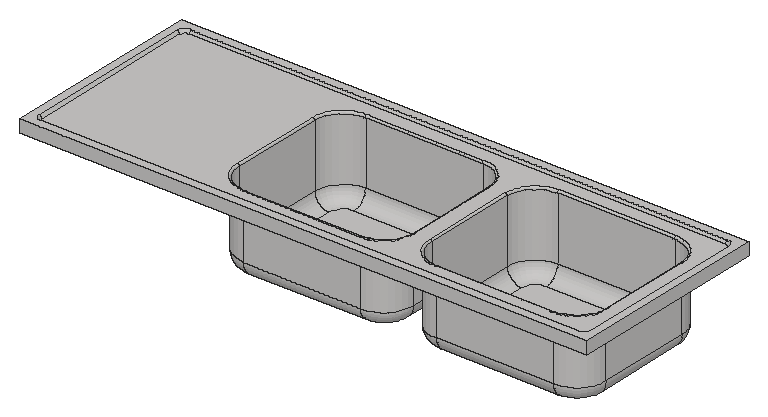
Revit family
Parameters (values of type "1500 X 535")
  Waste Connection Diameter = 40 mm
  Width Of Bowl = 400 mm
  Waste Connection Radius = Waste Connection Diameter / 2  # 20 mm
  Waste Connection = 1 = 1  # yes
  WFU = 0
  Vent Connection = 1 = 0  # no
  URL = "http://www.autospec.co.za/browse.php?id=1937217983"
  Product Code = "SSO-1500-DE"
  OmniClass Title = ""
  OmniClass Number = ""
  Modspec Classification = ""
  Specification = ""
  Material = Stainless Steel Grade 304
  Location (revit room) = ""
  Length Of Bowl = 460 mm
  HW Connection = 1 = 0  # no
  Description = ""
  Depth Of Bowl = 220 mm
  Colour = none
  CW Connection = 1 = 0  # no
  Body Finish = none
  Width = 535 mm
  Model = "Right Hand Sit-On Sink Double End Bowl SSO-1500-DE"
  Manufacturer = "Kwikot"  # constant formula
  Length = 1500 mm
  Assembly Code = "D2010410"
Reference planes
  plane 1 "Center (Front/Back)": y = 0
  plane 2 "Bottom": z = 0
  plane 3 "Center (Left/Right)": x = 0
  plane 4 "Right": x = 1500
  plane 5 "Back": y = 535
  plane 6 "Top": z = 220
  plane 7: z = 188
  plane 8: x = 465
  plane 9: x = 925
  plane 10: y = 267.5
  plane 11: y = 467.5
  plane 12: y = 67.5
  plane 13: x = 695
  plane 14: z = 212
  plane 15: x = 975
  plane 16: x = 1435
  plane 17: x = 1205
Forms (mm)
  Sweep 1, solid, material "Stainless Steel Grade 304" <- "Material"
    path origin (-60.109, -1524, 220) x (-1, 0, 0) y (0, -1, 0)
      loop
        line (-60.109, -2059) -> (-60.109, -1524) -> (-1560.109, -1524) -> (-1560.109, -2059) -> (-60.109, -2059)
    profile origin (750, 535, 220) x (0, 1, 0) y (0, 0, 1)
      loop
        line (-15, 0) -> (-15, -10.5) -> (-2.5, -10.5) -> (-2.5, -29.5) -> (-10, -29.5) -> (-10, -32) -> (0, -32) -> (0, 0) -> (-15, 0)
  Extrusion 2, solid, material "Stainless Steel Grade 304" <- "Material"
    sketch origin (-60.109, -1524, 220) x (-1, 0, 0) y (0, -1, 0)
      loop
        line (-75.109, -1539) -> (-1545.109, -1539) -> (-1545.109, -2044) -> (-75.109, -2044) -> (-75.109, -1539)
    from 0 to -10.5
  Extrusion 3, void
    sketch origin (-60.109, -1524, 220) x (0, -1, 0) y (-1, 0, 0)
      loop
        line (-1991.5, -600.109) -> (-1991.5, -910.109)
        arc (-1991.5, -910.109) -> (-1969.533, -963.142) -> (-1916.5, -985.109) r 75
        line (-1916.5, -985.109) -> (-1666.5, -985.109)
        arc (-1666.5, -985.109) -> (-1613.467, -963.142) -> (-1591.5, -910.109) r 75
        line (-1591.5, -910.109) -> (-1591.5, -600.109)
        arc (-1591.5, -600.109) -> (-1613.467, -547.076) -> (-1666.5, -525.109) r 75
        line (-1666.5, -525.109) -> (-1916.5, -525.109)
        arc (-1916.5, -525.109) -> (-1969.533, -547.076) -> (-1991.5, -600.109) r 75
      loop
        line (-1991.5, -1110.109) -> (-1991.5, -1420.109)
        arc (-1991.5, -1420.109) -> (-1969.533, -1473.142) -> (-1916.5, -1495.109) r 75
        line (-1916.5, -1495.109) -> (-1666.5, -1495.109)
        arc (-1666.5, -1495.109) -> (-1613.467, -1473.142) -> (-1591.5, -1420.109) r 75
        line (-1591.5, -1420.109) -> (-1591.5, -1110.109)
        arc (-1591.5, -1110.109) -> (-1613.467, -1057.076) -> (-1666.5, -1035.109) r 75
        line (-1666.5, -1035.109) -> (-1916.5, -1035.109)
        arc (-1916.5, -1035.109) -> (-1969.533, -1057.076) -> (-1991.5, -1110.109) r 75
    from 0 to 10.5
  Sweep 4, solid, material "Stainless Steel Grade 304" <- "Material"
    path origin (-60.109, -1524, 220) x (-1, 0, 0) y (0, -1, 0)
      loop
        arc (-600.109, -1991.5) -> (-547.076, -1969.533) -> (-525.109, -1916.5) r 75
        line (-525.109, -1916.5) -> (-525.109, -1666.5)
        arc (-525.109, -1666.5) -> (-547.076, -1613.467) -> (-600.109, -1591.5) r 75
        line (-600.109, -1591.5) -> (-910.109, -1591.5)
        arc (-910.109, -1591.5) -> (-963.142, -1613.467) -> (-985.109, -1666.5) r 75
        line (-985.109, -1666.5) -> (-985.109, -1916.5)
        arc (-985.109, -1916.5) -> (-963.142, -1969.533) -> (-910.109, -1991.5) r 75
        line (-910.109, -1991.5) -> (-600.109, -1991.5)
    profile origin (695, 467.5, 220) x (0, 1, 0) y (0, 0, 1)
      loop
        line (0, -10.5) -> (0, -180)
        arc (0, -180) -> (-10.983, -206.517) -> (-37.5, -217.5) r 37.5
        line (-37.5, -217.5) -> (-37.5, -220)
        arc (-37.5, -220) -> (-9.216, -208.284) -> (2.5, -180) r 40
        line (2.5, -180) -> (2.5, -10.5) -> (0, -10.5)
  Extrusion 5, solid, material "Stainless Steel Grade 304" <- "Material"
    sketch origin (0, 0, 0) x (1, 0, 0) y (0, 1, 0)
      loop
        arc (502.5, 142.5) -> (513.483, 115.983) -> (540, 105) r 37.5
        line (540, 105) -> (850, 105)
        arc (850, 105) -> (876.517, 115.983) -> (887.5, 142.5) r 37.5
        line (887.5, 142.5) -> (887.5, 392.5)
        arc (887.5, 392.5) -> (876.517, 419.017) -> (850, 430) r 37.5
        line (850, 430) -> (540, 430)
        arc (540, 430) -> (513.483, 419.017) -> (502.5, 392.5) r 37.5
        line (502.5, 392.5) -> (502.5, 142.5)
      loop
        circle (695, 267.5) r 20
    from 0 to 2.5
  Blend 6, void
    base sketch origin (0, 0, 220) x (-1, 0, 0) y (0, -1, 0)
      loop
        line (-20, -495) -> (-20, -40)
        arc (-20, -40) -> (-25.858, -25.858) -> (-40, -20) r 20
        line (-40, -20) -> (-1460, -20)
        arc (-1460, -20) -> (-1474.142, -25.858) -> (-1480, -40) r 20
        line (-1480, -40) -> (-1480, -495)
        arc (-1480, -495) -> (-1474.142, -509.142) -> (-1460, -515) r 20
        line (-1460, -515) -> (-40, -515)
        arc (-40, -515) -> (-25.858, -509.142) -> (-20, -495) r 20
    top sketch origin (0, 0, 220) x (-1, 0, 0) y (0, -1, 0)
      loop
        line (-25, -495) -> (-25, -40)
        arc (-25, -40) -> (-29.393, -29.393) -> (-40, -25) r 15
        line (-40, -25) -> (-1460, -25)
        arc (-1460, -25) -> (-1470.607, -29.393) -> (-1475, -40) r 15
        line (-1475, -40) -> (-1475, -495)
        arc (-1475, -495) -> (-1470.607, -505.607) -> (-1460, -510) r 15
        line (-1460, -510) -> (-40, -510)
        arc (-40, -510) -> (-29.393, -505.607) -> (-25, -495) r 15
    from 0 to -8
  Extrusion 7, solid, material "Stainless Steel Grade 304" <- "Material"
    sketch origin (0, 0, 0) x (1, 0, 0) y (0, 1, 0)
      loop
        circle (695, 267.5) r 20
    from 0 to -5
  Sweep 8, solid, material "Stainless Steel Grade 304" <- "Material"
    path origin (-60.109, -1524, 220) x (-1, 0, 0) y (0, -1, 0)
      loop
        arc (-1495.109, -1916.5) -> (-1473.142, -1969.533) -> (-1420.109, -1991.5) r 75
        line (-1420.109, -1991.5) -> (-1110.109, -1991.5)
        arc (-1110.109, -1991.5) -> (-1057.076, -1969.533) -> (-1035.109, -1916.5) r 75
        line (-1035.109, -1916.5) -> (-1035.109, -1666.5)
        arc (-1035.109, -1666.5) -> (-1057.076, -1613.467) -> (-1110.109, -1591.5) r 75
        line (-1110.109, -1591.5) -> (-1420.109, -1591.5)
        arc (-1420.109, -1591.5) -> (-1473.142, -1613.467) -> (-1495.109, -1666.5) r 75
        line (-1495.109, -1666.5) -> (-1495.109, -1916.5)
    profile origin (1435, 267.5, 220) x (1, 0, 0) y (0, 0, 1)
      loop
        line (0, -10.5) -> (0, -180)
        arc (0, -180) -> (-10.983, -206.517) -> (-37.5, -217.5) r 37.5
        line (-37.5, -217.5) -> (-37.5, -220)
        arc (-37.5, -220) -> (-9.216, -208.284) -> (2.5, -180) r 40
        line (2.5, -180) -> (2.5, -10.5) -> (0, -10.5)
  Extrusion 9, solid, material "Stainless Steel Grade 304" <- "Material"
    sketch origin (0, 0, 0) x (1, 0, 0) y (0, 1, 0)
      loop
        arc (1012.5, 142.5) -> (1023.483, 115.983) -> (1050, 105) r 37.5
        line (1050, 105) -> (1360, 105)
        arc (1360, 105) -> (1386.517, 115.983) -> (1397.5, 142.5) r 37.5
        line (1397.5, 142.5) -> (1397.5, 392.5)
        arc (1397.5, 392.5) -> (1386.517, 419.017) -> (1360, 430) r 37.5
        line (1360, 430) -> (1050, 430)
        arc (1050, 430) -> (1023.483, 419.017) -> (1012.5, 392.5) r 37.5
        line (1012.5, 392.5) -> (1012.5, 142.5)
      loop
        circle (1205, 267.5) r 20
    from 0 to 2.5
  Extrusion 10, solid, material "Stainless Steel Grade 304" <- "Material"
    sketch origin (0, 0, 0) x (1, 0, 0) y (0, 1, 0)
      loop
        circle (1205, 267.5) r 20
    from 0 to -5
  Sweep 11, void
    path origin (0, 0, 220) x (-1, 0, 0) y (0, -1, 0)
      loop
        line (-850, -467.5) -> (-540, -467.5)
        arc (-540, -467.5) -> (-486.967, -445.533) -> (-465, -392.5) r 75
        line (-465, -392.5) -> (-465, -142.5)
        arc (-465, -142.5) -> (-486.967, -89.467) -> (-540, -67.5) r 75
        line (-540, -67.5) -> (-850, -67.5)
        arc (-850, -67.5) -> (-903.033, -89.467) -> (-925, -142.5) r 75
        line (-925, -142.5) -> (-925, -392.5)
        arc (-925, -392.5) -> (-903.033, -445.533) -> (-850, -467.5) r 75
    profile origin (695, 467.5, 220) x (0, -1, 0) y (0, 0, 1)
      loop
        arc (-5, -8) -> (-1.464, -9.464) -> (0, -13) r 5
        line (0, -13) -> (0, -8) -> (-5, -8)
  Sweep 12, void
    path origin (0, 0, 220) x (-1, 0, 0) y (0, -1, 0)
      loop
        arc (-1050, -467.5) -> (-996.967, -445.533) -> (-975, -392.5) r 75
        line (-975, -392.5) -> (-975, -142.5)
        arc (-975, -142.5) -> (-996.967, -89.467) -> (-1050, -67.5) r 75
        line (-1050, -67.5) -> (-1360, -67.5)
        arc (-1360, -67.5) -> (-1413.033, -89.467) -> (-1435, -142.5) r 75
        line (-1435, -142.5) -> (-1435, -392.5)
        arc (-1435, -392.5) -> (-1413.033, -445.533) -> (-1360, -467.5) r 75
        line (-1360, -467.5) -> (-1050, -467.5)
    profile origin (1205, 467.5, 220) x (0, 1, 0) y (0, 0, 1)
      loop
        line (0, -8) -> (0, -13)
        arc (0, -13) -> (1.464, -9.464) -> (5, -8) r 5
        line (5, -8) -> (0, -8)
Cuts and joins
  Extrusion 3, Blend 6, Sweep 11, Sweep 12 cuts Sweep 1
  Extrusion 3, Blend 6, Sweep 11, Sweep 12 cuts Extrusion 2
  Blend 6, Sweep 11, Sweep 12 cuts Sweep 4
  Blend 6, Sweep 11, Sweep 12 cuts Extrusion 5
  Sweep 11, Sweep 12 cuts Extrusion 7
  Sweep 11, Sweep 12 cuts Sweep 8
  Sweep 11, Sweep 12 cuts Extrusion 9
  Sweep 11, Sweep 12 cuts Extrusion 10
  joined: Sweep 1, Extrusion 2, Sweep 4, Extrusion 5, Extrusion 7, Sweep 8, Extrusion 9, Extrusion 10
Lines and regions (mm)
  symbolic lines
    curve 1: line (0, 535, 220) -> (0, 0, 220)
    curve 2: line (0, 0, 220) -> (1500, 0, 220)
    curve 3: line (1500, 0, 220) -> (1500, 535, 220)
    curve 4: line (1500, 535, 220) -> (0, 535, 220)
    curve 5: line (20, 40, 220) -> (20, 495, 220)
    curve 6: line (25, 495, 220) -> (25, 40, 220)
    curve 7: arc (20, 495, 220) -> (25.858, 509.142, 220) -> (40, 515, 220) r 20
    curve 8: arc (40, 510, 220) -> (29.393, 505.607, 220) -> (25, 495, 220) r 15
    curve 9: line (40, 515, 220) -> (1460, 515, 220)
    curve 10: line (1460, 510, 220) -> (40, 510, 220)
    curve 11: arc (1460, 515, 220) -> (1474.142, 509.142, 220) -> (1480, 495, 220) r 20
    curve 12: arc (1475, 495, 220) -> (1470.607, 505.607, 220) -> (1460, 510, 220) r 15
    curve 13: line (1475, 40, 220) -> (1475, 495, 220)
    curve 14: line (1480, 495, 220) -> (1480, 40, 220)
    curve 15: arc (1480, 40, 220) -> (1474.142, 25.858, 220) -> (1460, 20, 220) r 20
    curve 16: arc (1460, 25, 220) -> (1470.607, 29.393, 220) -> (1475, 40, 220) r 15
    curve 17: line (1460, 20, 220) -> (40, 20, 220)
    curve 18: line (40, 25, 220) -> (1460, 25, 220)
    curve 19: arc (40, 20, 220) -> (25.858, 25.858, 220) -> (20, 40, 220) r 20
    curve 20: arc (25, 40, 220) -> (29.393, 29.393, 220) -> (40, 25, 220) r 15
    curve 21: line (465, 392.5, 220) -> (465, 142.5, 220)
    curve 22: arc (540, 467.5, 220) -> (486.967, 445.533, 220) -> (465, 392.5, 220) r 75
    curve 23: line (850, 467.5, 220) -> (540, 467.5, 220)
    curve 24: arc (925, 392.5, 220) -> (903.033, 445.533, 220) -> (850, 467.5, 220) r 75
    curve 25: line (925, 142.5, 220) -> (925, 392.5, 220)
    curve 26: arc (850, 67.5, 220) -> (903.033, 89.467, 220) -> (925, 142.5, 220) r 75
    curve 27: line (540, 67.5, 220) -> (850, 67.5, 220)
    curve 28: arc (465, 142.5, 220) -> (486.967, 89.467, 220) -> (540, 67.5, 220) r 75
    curve 32: arc (715, 267.5, 220) -> (695, 247.5, 220) -> (675, 267.5, 220) r 20
    curve 33: arc (675, 267.5, 220) -> (695, 287.5, 220) -> (715, 267.5, 220) r 20
    curve 35: line (1050, 467.5, 220) -> (1360, 467.5, 220)
    curve 36: arc (975, 392.5, 220) -> (996.967, 445.533, 220) -> (1050, 467.5, 220) r 75
    curve 37: line (975, 142.5, 220) -> (975, 392.5, 220)
    curve 38: arc (1360, 467.5, 220) -> (1413.033, 445.533, 220) -> (1435, 392.5, 220) r 75
    curve 39: line (1435, 392.5, 220) -> (1435, 142.5, 220)
    curve 40: arc (1435, 142.5, 220) -> (1413.033, 89.467, 220) -> (1360, 67.5, 220) r 75
    curve 41: line (1360, 67.5, 220) -> (1050, 67.5, 220)
    curve 42: arc (1050, 67.5, 220) -> (996.967, 89.467, 220) -> (975, 142.5, 220) r 75
    curve 43: arc (1225, 267.5, 220) -> (1205, 247.5, 220) -> (1185, 267.5, 220) r 20
    curve 44: arc (1185, 267.5, 220) -> (1205, 287.5, 220) -> (1225, 267.5, 220) r 20
  model lines
    curve 29: line (390, 485, 212) -> (390, 60, 212)
    curve 30: line (50, 60, 212) -> (390, 60, 212)
    curve 31: line (390, 460, 212) -> (50, 460, 212)
    curve 34: line (50, 485, 212) -> (50, 60, 212)
    curve 45: line (390, 485, 212) -> (50, 485, 212)
    curve 46: line (390, 435, 212) -> (50, 435, 212)
    curve 47: line (390, 410, 212) -> (50, 410, 212)
    curve 48: line (390, 385, 212) -> (50, 385, 212)
    curve 49: line (390, 360, 212) -> (50, 360, 212)
    curve 50: line (390, 335, 212) -> (50, 335, 212)
    curve 51: line (390, 310, 212) -> (50, 310, 212)
    curve 52: line (390, 285, 212) -> (50, 285, 212)
    curve 53: line (390, 235, 212) -> (50, 235, 212)
    curve 54: line (390, 210, 212) -> (50, 210, 212)
    curve 55: line (390, 185, 212) -> (50, 185, 212)
    curve 56: line (390, 160, 212) -> (50, 160, 212)
    curve 57: line (390, 135, 212) -> (50, 135, 212)
    curve 58: line (390, 110, 212) -> (50, 110, 212)
    curve 59: line (390, 85, 212) -> (50, 85, 212)
    curve 60: line (50, 260, 212) -> (390, 260, 212)
Dimensions and locks
  "Length": plane 3 "Center (Left/Right)" to plane 4 "Right"
  "Width": plane 5 "Back" to plane 1 "Center (Front/Back)"
  "Depth Of Bowl": plane 6 "Top" to plane 2 "Bottom"
  equal spacing: plane 1 "Center (Front/Back)", plane 10, plane 5 "Back"
  "Length Of Bowl": plane 8 to plane 9
  "Width Of Bowl": plane 11 to plane 12
  equal spacing: plane 11, plane 10, plane 12
  equal spacing: plane 8, plane 13, plane 9
  plane 6 "Top" to plane 7 = 32 mm
  Sweep 1 sketch curve to plane 5 "Back" = 10 mm
  Sweep 1 sketch curve to plane 5 "Back" = 15 mm
  plane 6 "Top" to Sweep 1 sketch curve = 10.5 mm
  Sweep 1 sketch curve to plane 5 "Back" = 2.5 mm
  plane 7 to Sweep 1 sketch curve = 2.5 mm
  plane 3 "Center (Left/Right)" to Blend 6 sketch curve = 20 mm
  Blend 6 sketch curve to plane 4 "Right" = 20 mm
  plane 5 "Back" to Blend 6 sketch curve = 20 mm
  plane 1 "Center (Front/Back)" to Blend 6 sketch curve = 20 mm
  var sketch to Blend 6 sketch curve = 5 mm  (x3)
  Blend 6 sketch curve to var sketch = 5 mm
  plane 6 "Top" to plane 14 = 8 mm
  "Length Of Bowl": plane 15 to plane 16
  equal spacing: plane 15, plane 17, plane 16
  plane 9 to plane 15 = 50 mm
  plane 16 to plane 4 "Right" = 65 mm
  plane 3 "Center (Left/Right)" to curve 34 = 50 mm
  radius of Extrusion 3 sketch curve = 75 mm  (x8)
  radius of Sweep 4 sketch curve = 37.5 mm
  radius of Sweep 4 sketch curve = 40 mm
  "Waste Connection Radius": radius of Extrusion 5 sketch curve
  radius of Blend 6 sketch curve = 20 mm  (x4)
  radius of Blend 6 sketch curve = 15 mm  (x4)
  radius of Sweep 8 sketch curve = 37.5 mm
  radius of Sweep 8 sketch curve = 40 mm
  "Waste Connection Radius": radius of Extrusion 9 sketch curve
  aligned and locked: level to plane 2 "Bottom"
  aligned and locked: Sweep 1 sketch curve to plane 5 "Back"
  aligned and locked: plane 3 "Center (Left/Right)" to Sweep 1 sketch curve
  aligned and locked: Sweep 1 sketch curve to plane 1 "Center (Front/Back)"
  aligned and locked: plane 4 "Right" to Sweep 1 sketch curve
  aligned and locked: Sweep 1 sketch curve to profile plane
  aligned and locked: plane 7 to Sweep 1 sketch curve
  aligned and locked: profile plane to Sweep 1 sketch curve
  aligned and locked: Extrusion 2 sketch curve to Sweep 1  (x4)
  aligned and locked: Sweep 1 to Extrusion 2
  aligned and locked: Extrusion 2 to plane 6 "Top"
  aligned and locked: plane 11 to Extrusion 3 sketch curve  (x2)
  aligned and locked: Extrusion 3 sketch curve to plane 8
  aligned and locked: Extrusion 3 sketch curve to plane 12  (x2)
  aligned and locked: plane 9 to Extrusion 3 sketch curve
  aligned and locked: Sweep 1 to Extrusion 3
  aligned and locked: Extrusion 3 to plane 6 "Top"
  aligned and locked: Sweep 4 sketch curve to cut or joined group 1 (Sweep 1, Extrusion 2, Extrusion 3, Sweep 4, Extrusion 5, Blend 6, Extrusion 7, Sweep 8, Extrusion 9, Extrusion 10, Sweep 11, Sweep 12)  (x5)
  aligned and locked: cut or joined group 1 to Sweep 4 sketch curve
  aligned and locked: plane 2 "Bottom" to Sweep 4 sketch curve
  aligned and locked: Extrusion 5 sketch curve to cut or joined group 1  (x4)
  aligned and locked: plane 10 to Extrusion 5 sketch curve
  aligned and locked: curve 1 to cut or joined group 1
  aligned and locked: curve 2 to cut or joined group 1
  aligned and locked: curve 3 to cut or joined group 1
  aligned and locked: curve 4 to cut or joined group 1
  aligned and locked: curve 7 to cut or joined group 1
  aligned and locked: curve 8 to cut or joined group 1
  aligned and locked: curve 11 to cut or joined group 1
  aligned and locked: curve 12 to cut or joined group 1
  aligned and locked: curve 15 to cut or joined group 1
  aligned and locked: curve 16 to cut or joined group 1
  aligned and locked: curve 19 to cut or joined group 1
  aligned and locked: curve 20 to cut or joined group 1
  aligned and locked: curve 22 to cut or joined group 1
  aligned and locked: curve 24 to cut or joined group 1
  aligned and locked: curve 26 to cut or joined group 1
  aligned and locked: curve 28 to cut or joined group 1
  aligned and locked: Extrusion 7 sketch curve to cut or joined group 1  (x2)
  aligned and locked: curve 32 to cut or joined group 1
  aligned and locked: curve 33 to cut or joined group 1
  aligned and locked: plane 13 to Extrusion 5 sketch curve
  aligned and locked: Extrusion 3 sketch curve to plane 15
  aligned and locked: plane 16 to Extrusion 3 sketch curve
  aligned and locked: Sweep 8 sketch curve to cut or joined group 1  (x4)
  aligned and locked: cut or joined group 1 to Sweep 8 sketch curve
  aligned and locked: Sweep 8 sketch curve to profile plane
  aligned and locked: plane 2 "Bottom" to Sweep 8 sketch curve
  aligned and locked: Extrusion 9 sketch curve to Sweep 8  (x4)
  aligned and locked: plane 17 to Extrusion 9 sketch curve
  aligned and locked: plane 10 to Extrusion 9 sketch curve
  aligned and locked: Extrusion 10 sketch curve to cut or joined group 1  (x2)
  aligned and locked: Sweep 11 sketch curve to cut or joined group 1  (x4)
  aligned and locked: cut or joined group 1 to Sweep 11 sketch curve
  aligned and locked: profile plane to Sweep 11 sketch curve
  aligned and locked: curve 36 to cut or joined group 1
  aligned and locked: curve 38 to cut or joined group 1
  aligned and locked: curve 40 to cut or joined group 1
  aligned and locked: curve 42 to cut or joined group 1
  aligned and locked: curve 43 to cut or joined group 1
  aligned and locked: curve 44 to cut or joined group 1
  aligned and locked: Sweep 12 sketch curve to cut or joined group 1  (x4)
  aligned and locked: profile plane to Sweep 12 sketch curve
  aligned and locked: cut or joined group 1 to Sweep 12 sketch curve
Automatic sketch dimensions
  Sweep 4 sketch curve to Sweep 4 sketch curve = 0 mm
  curve 31 to plane 11 = 7.5 mm
  curve 30 to plane 12 = 7.5 mm
  Sweep 8 sketch curve to Sweep 8 sketch curve = 0 mm
  Sweep 11 sketch curve to Sweep 11 sketch curve = 5 mm  (x4)
  Sweep 11 sketch curve to profile plane = 0 mm
  Sweep 12 sketch curve to Sweep 12 sketch curve = 5 mm  (x2)
  Sweep 12 sketch curve to Sweep 12 sketch curve = 0 mm  (x2)
  Sweep 12 sketch curve to profile plane = 0 mm
  plane 11 to curve 45 = 17.5 mm
  curve 47 to curve 48 = 25 mm
  curve 48 to curve 49 = 25 mm
  curve 49 to curve 50 = 25 mm
  curve 50 to curve 51 = 25 mm
  plane 10 to curve 52 = 17.5 mm
  curve 53 to curve 54 = 25 mm
  curve 55 to curve 56 = 25 mm
  curve 56 to curve 57 = 25 mm
  curve 57 to curve 58 = 25 mm
  plane 12 to curve 59 = 17.5 mm
  curve 31 to curve 46 = 25 mm
  curve 59 to plane 8 = 75 mm
  curve 54 to curve 55 = 25 mm
  curve 53 to plane 10 = 32.5 mm
  curve 60 to plane 10 = 7.5 mm
  curve 46 to curve 47 = 25 mm
Connectors
  piping at (695, 267.5, -5), driven by "Waste Connection Radius", driven by "WFU"
    settings: on cut or joined group 1, index 1, connector radius 20 mm, flow factor 0, pipe flow 0.0 L/s, pressure drop 0.0 Pa, fitting loss kfactor 0, connector angle 0.00°, fixture units 0, flow configuration 3, flow direction 2, fitting loss method 4, system type 16, connector reference index -1, connector utility 0, adjustable connector no, is connector primary yes, fitting loss table "", connector description "Waste Connection"
  piping at (1205, 267.5, -5), driven by "Waste Connection Radius", driven by "WFU"
    settings: on cut or joined group 1, index 2, connector radius 20 mm, flow factor 0, pipe flow 0.0 L/s, pressure drop 0.0 Pa, fitting loss kfactor 0, connector angle 0.00°, fixture units 0, flow configuration 3, flow direction 2, fitting loss method 4, system type 16, connector reference index -1, connector utility 0, adjustable connector no, is connector primary no, fitting loss table "", connector description "Waste Connection"
